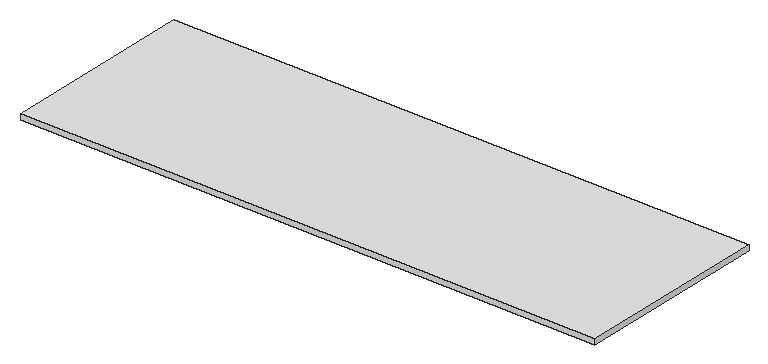
Revit family "Versatex_Generic Model_1 1-4” x 48” SHEET", category Generic Models, host Face, Revit 2022
Family settings
  Host = Face
  Can host rebar = No
  Round Connector Dimension = Use Diameter
  Part Type = Normal
  Cut with Voids When Loaded = No
  Maintain Annotation Orientation = No
  Shared = No
  Room Calculation Point = No
Parameters
  Warranty = "https://versatex.com/warranty/"
  URL = "https://versatex.com/"
  Specification = "https://www.arcat.com/company/versatex-45716/spec?coid=45716"
  Sheet Length [instance] = 12' - 0"
  Sales Information = "https://versatex.com/dealer-locator/"
  Rotation [instance] = 0.00°
  Model = "SHSM01254808"
  Min_Length [instance] = 1' - 0"
  Message Manufacturer = "https://versatex.com/contact/"
  Max_Length [instance] = 20' - 0"
  Material = Versatex PVC - Smooth
  Manufacturer Website = "https://versatex.com/"
  Manufacturer Phone = "724-857-1111"
  Manufacturer Fax = "724-857-1171"
  Manufacturer Address = "400 Steel Street, Aliquippa, PA 15001"
  Manufacturer = "Versatex"
  Literature = "https://versatex.com/literature/?_sft_literature_category=cads"
  Length [instance] = if(Sheet Length < Min_Length, Min_Length, if(Sheet Length > Max_Length, Max_Length, Sheet Length))  # 12' - 0"
  Description = "1-1/4\" X 48\" SHEET"
  Default Elevation = 4' - 0"
  Copyright = "© 2024 VERSATEX Building Products, LLC"
Reference planes (in)
  plane 1 "Center (Front/Back)": y = 0
  plane 2: z = 0
  plane 3 "Center (Left/Right)": x = 0
Forms (in)
  Sweep 1, solid, material "Versatex PVC - Smooth" <- "Material"
    path origin (-24, 0, 0) x (1, 0, 0) y (0, 1, 0)
      loop
        line (-48, 0) -> (96, 0)
    profile "Versatex_Profile_1 1-4” x 48” SHEET : Versatex_Profile_1 1-4” x 48” SHEET" origin (0, 0, 0) x (0, 1, 0) y (0, 0, 1)
      loop
        line (-24, 1.25) -> (-24, 0) -> (24, 0) -> (24, 1.25) -> (-24, 1.25)
Dimensions and locks (in)
  host sketch curve to host sketch curve = 12' - 0"
  "Length": Sweep 1 sketch curve to Sweep 1 sketch curve
  equal spacing: Sweep 1, plane 3 "Center (Left/Right)", Sweep 1, locked at 72 each
  "Rotation": angle plane 1 "Center (Front/Back)" to Sweep 1 sketch curve
  aligned and locked: host face to plane 2
  aligned and locked: host face to level
Automatic sketch dimensions
  host sketch curve to host sketch curve = 30' - 0"
  plane 1 "Center (Front/Back)" to Sweep 1 sketch curve = 0' - 0"
  Sweep 1 sketch curve to plane 3 "Center (Left/Right)" = 6' - 0"
